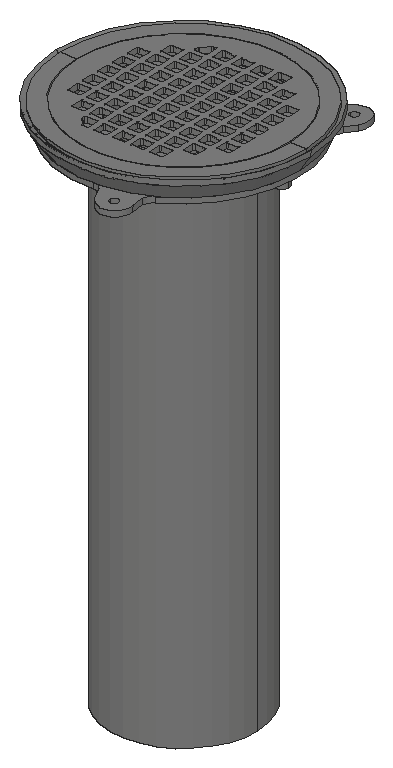
Revit family "Drain_Floor_Shallow_POD_PRO_Zurn-ZPD1-H", category Plumbing Fixtures, Revit 2022
Family settings
  Round Connector Dimension = Use Radius
  Part Type = Normal
  OmniClass Number = 23.70.50.21.24
  OmniClass Title = Waste Water Drains
  Work Plane-Based = No
  Always vertical = Yes
  Cut with Voids When Loaded = No
  Maintain Annotation Orientation = No
  Shared = No
  Room Calculation Point = No
Parameters (values of type "ZPD1-6H-3NH-SS")
  Width = 0' - 6"  # constant formula
  Waste Connection = yes
  Vent Connection = no
  URL = "www.zurn.com"
  Type Comments = "ZPD1-6H-3NH-SS w/ Stainless Steel Top"
  Top Assembly = Steel - Zurn - Stainless Type 304 CF8
  Product data url = "https://bimobject.com/zurnindustries/product/ZPD1-H"
  Product Page URL = "https://www.zurn.com/products/drainage-interceptors/floor-drains/finish-floor-drains/zpd1-h"
  Product Installation Sheet URL = "https://files.zurn.com/care-cleaning-install-warranty-sheets/fd140.pdf"
  Product Documentation Link = "https://files.zurn.com/spec-sheets/zpd1-h.pdf"
  Outlet Radius = 0' - 1 1/2"
  Outlet Outer Radius = 0' - 1 3/4"
  Modified Date = ""
  Model = "ZPD1-H"  # constant formula
  Manufacurer Brand = "Zurn"  # constant formula
  Manufacturer = "Zurn Water, LLC"  # constant formula
  Main Material = Steel - Zurn - Stainless Type 304 CF8
  Length = 0' - 6"  # constant formula
  HW Connection = no
  Drop-in Outlet Specify Length (6.0 Min to 12-5/32 Max) [instance] = 1' - 0.156"
  Drop-in Outlet Range [instance] = if([Drop-in Outlet Specify Length (6.0 Min to 12-5/32 Max)] > 1' 0.156", 1' 0.156", if([Drop-in Outlet Specify Length (6.0 Min to 12-5/32 Max)] < 0' 6", 0' 6", [Drop-in Outlet Specify Length (6.0 Min to 12-5/32 Max)]))  # 1' - 0.156"
  Description = "Zurn POD PRO Shallow Floor Drain with Claming Frame, Floor Clamp, and Drop-in Outlet for Vinyl Sheet Flooring"  # constant formula
  Default Elevation = 0' - 0"
  Date Created = "May 30, 2025"  # constant formula
  CW Connection = no
  Assembly Code = "D2030300"
  Approx. Weight (Lbs) = 0' - 5.3"  # constant formula
Reference planes (in)
  plane 1 "Center (Front/Back)": y = 0
  plane 2: z = 0
  plane 3 "Center (Left/Right)": x = 0
  plane 4: y = 3
  plane 5: y = -3
  plane 6: x = 3
  plane 7: x = -3
  plane 8: z = -0.125
  plane 9: z = -0.25
  plane 10: z = -0.5
  plane 11: z = -12.656
  plane 12: x = 2.75
  plane 13: x = 2.157
  plane 14: x = 2.566
  plane 15: x = 2.508
  plane 16: x = 2.891
  plane 17: x = 2.157
  plane 18: z = -0.063
  plane 19: z = -0.625
  plane 20: z = -0.781
  plane 21: z = -0.281
  plane 22: z = -0.969
Forms (in)
  Revolve 1, solid, material "Steel - Zurn - Stainless Type 304 CF8" <- "Top Assembly", detail levels fine
    sketch origin (0, 0, 0) x (1, 0, 0) y (0, 0, 1)
      loop
        line (3, 0) -> (2.566, -0.25) -> (2.157, -0.25) -> (2.157, -0.5) -> (2.75, -0.5) -> (3, -0.125) -> (3, 0)
      axis (0, 0) -> (0, -0.5)
    angle from 0 to 360
  Revolve 2, solid, material "Steel - Zurn - Stainless Type 304 CF8" <- "Top Assembly", detail levels fine
    sketch origin (0, 0, 0) x (1, 0, 0) y (0, 0, 1)
      loop
        line (2.891, 0) -> (2.508, 0) -> (2.508, -0.125) -> (2.157, -0.125) -> (2.157, -0.25) -> (2.508, -0.25) -> (2.891, -0.063) -> (2.891, 0)
      axis (0, 0) -> (0, -0.25)
    angle from 0 to 360
  Extrusion 3, solid, material "Steel - Zurn - Stainless Type 304 CF8" <- "Top Assembly", detail levels fine
    sketch origin (0, 0, 0) x (1, 0, 0) y (0, 1, 0)
      loop
        spline (-1.59375, -0.31241) -> (-1.59402, -0.30834) -> (-1.59481, -0.30434) -> (-1.59612, -0.30048) -> (-1.59792, -0.29682) -> (-1.60018, -0.29343) -> (-1.60287, -0.29037) -> (-1.60593, -0.28768) -> (-1.60932, -0.28542) -> (-1.61298, -0.28362) -> (-1.61684, -0.28231) -> (-1.62084, -0.28152) -> (-1.62491, -0.28125)
        line (-1.62491, -0.28125) -> (-1.87509, -0.28125)
        spline (-1.87509, -0.28125) -> (-1.87916, -0.28152) -> (-1.88316, -0.28231) -> (-1.88702, -0.28362) -> (-1.89068, -0.28542) -> (-1.89407, -0.28768) -> (-1.89713, -0.29037) -> (-1.89982, -0.29343) -> (-1.90208, -0.29682) -> (-1.90388, -0.30048) -> (-1.90519, -0.30434) -> (-1.90598, -0.30834) -> (-1.90625, -0.31241)
        line (-1.90625, -0.31241) -> (-1.90625, -0.56259)
        spline (-1.90625, -0.56259) -> (-1.90598, -0.56666) -> (-1.90519, -0.57066) -> (-1.90388, -0.57452) -> (-1.90208, -0.57818) -> (-1.89982, -0.58157) -> (-1.89713, -0.58463) -> (-1.89407, -0.58732) -> (-1.89068, -0.58958) -> (-1.88702, -0.59138) -> (-1.88316, -0.59269) -> (-1.87916, -0.59348) -> (-1.87509, -0.59375)
        line (-1.87509, -0.59375) -> (-1.62491, -0.59375)
        spline (-1.62491, -0.59375) -> (-1.62084, -0.59348) -> (-1.61684, -0.59269) -> (-1.61298, -0.59138) -> (-1.60932, -0.58958) -> (-1.60593, -0.58732) -> (-1.60287, -0.58463) -> (-1.60018, -0.58157) -> (-1.59792, -0.57818) -> (-1.59612, -0.57452) -> (-1.59481, -0.57066) -> (-1.59402, -0.56666) -> (-1.59375, -0.56259)
        line (-1.59375, -0.56259) -> (-1.59375, -0.31241)
      loop
        spline (-0.74991, -1.46875) -> (-0.74584, -1.46848) -> (-0.74184, -1.46769) -> (-0.73798, -1.46638) -> (-0.73432, -1.46458) -> (-0.73093, -1.46232) -> (-0.72787, -1.45963) -> (-0.72518, -1.45657) -> (-0.72292, -1.45318) -> (-0.72112, -1.44952) -> (-0.71981, -1.44566) -> (-0.71902, -1.44166) -> (-0.71875, -1.43759)
        line (-0.71875, -1.43759) -> (-0.71875, -1.18741)
        spline (-0.71875, -1.18741) -> (-0.71902, -1.18334) -> (-0.71981, -1.17934) -> (-0.72112, -1.17548) -> (-0.72292, -1.17182) -> (-0.72518, -1.16843) -> (-0.72787, -1.16537) -> (-0.73093, -1.16268) -> (-0.73432, -1.16042) -> (-0.73798, -1.15862) -> (-0.74184, -1.15731) -> (-0.74584, -1.15652) -> (-0.74991, -1.15625)
        line (-0.74991, -1.15625) -> (-1.00009, -1.15625)
        spline (-1.00009, -1.15625) -> (-1.00416, -1.15652) -> (-1.00816, -1.15731) -> (-1.01202, -1.15862) -> (-1.01568, -1.16042) -> (-1.01907, -1.16268) -> (-1.02213, -1.16537) -> (-1.02482, -1.16843) -> (-1.02708, -1.17182) -> (-1.02888, -1.17548) -> (-1.03019, -1.17934) -> (-1.03098, -1.18334) -> (-1.03125, -1.18741)
        line (-1.03125, -1.18741) -> (-1.03125, -1.43759)
        spline (-1.03125, -1.43759) -> (-1.03098, -1.44166) -> (-1.03019, -1.44566) -> (-1.02888, -1.44952) -> (-1.02708, -1.45318) -> (-1.02482, -1.45657) -> (-1.02213, -1.45963) -> (-1.01907, -1.46232) -> (-1.01568, -1.46458) -> (-1.01202, -1.46638) -> (-1.00816, -1.46769) -> (-1.00416, -1.46848) -> (-1.00009, -1.46875)
        line (-1.00009, -1.46875) -> (-0.74991, -1.46875)
      loop
        spline (-1.18741, -1.46875) -> (-1.18334, -1.46848) -> (-1.17934, -1.46769) -> (-1.17548, -1.46638) -> (-1.17182, -1.46458) -> (-1.16843, -1.46232) -> (-1.16537, -1.45963) -> (-1.16268, -1.45657) -> (-1.16042, -1.45318) -> (-1.15862, -1.44952) -> (-1.15731, -1.44566) -> (-1.15652, -1.44166) -> (-1.15625, -1.43759)
        line (-1.15625, -1.43759) -> (-1.15625, -1.18741)
        spline (-1.15625, -1.18741) -> (-1.15652, -1.18334) -> (-1.15731, -1.17934) -> (-1.15862, -1.17548) -> (-1.16042, -1.17182) -> (-1.16268, -1.16843) -> (-1.16537, -1.16537) -> (-1.16843, -1.16268) -> (-1.17182, -1.16042) -> (-1.17548, -1.15862) -> (-1.17934, -1.15731) -> (-1.18334, -1.15652) -> (-1.18741, -1.15625)
        line (-1.18741, -1.15625) -> (-1.43759, -1.15625)
        spline (-1.43759, -1.15625) -> (-1.44166, -1.15652) -> (-1.44566, -1.15731) -> (-1.44952, -1.15862) -> (-1.45318, -1.16042) -> (-1.45657, -1.16268) -> (-1.45963, -1.16537) -> (-1.46232, -1.16843) -> (-1.46458, -1.17182) -> (-1.46638, -1.17548) -> (-1.46769, -1.17934) -> (-1.46848, -1.18334) -> (-1.46875, -1.18741)
        line (-1.46875, -1.18741) -> (-1.46875, -1.43759)
        spline (-1.46875, -1.43759) -> (-1.46848, -1.44166) -> (-1.46769, -1.44566) -> (-1.46638, -1.44952) -> (-1.46458, -1.45318) -> (-1.46232, -1.45657) -> (-1.45963, -1.45963) -> (-1.45657, -1.46232) -> (-1.45318, -1.46458) -> (-1.44952, -1.46638) -> (-1.44566, -1.46769) -> (-1.44166, -1.46848) -> (-1.43759, -1.46875)
        line (-1.43759, -1.46875) -> (-1.18741, -1.46875)
      loop
        spline (-1.87509, -0.71875) -> (-1.87916, -0.71902) -> (-1.88316, -0.71981) -> (-1.88702, -0.72112) -> (-1.89068, -0.72292) -> (-1.89407, -0.72518) -> (-1.89713, -0.72787) -> (-1.89982, -0.73093) -> (-1.90208, -0.73432) -> (-1.90388, -0.73798) -> (-1.90519, -0.74184) -> (-1.90598, -0.74584) -> (-1.90625, -0.74991)
        line (-1.90625, -0.74991) -> (-1.90625, -1.00009)
        spline (-1.90625, -1.00009) -> (-1.90598, -1.00416) -> (-1.90519, -1.00816) -> (-1.90388, -1.01202) -> (-1.90208, -1.01568) -> (-1.89982, -1.01907) -> (-1.89713, -1.02213) -> (-1.89407, -1.02482) -> (-1.89068, -1.02708) -> (-1.88702, -1.02888) -> (-1.88316, -1.03019) -> (-1.87916, -1.03098) -> (-1.87509, -1.03125)
        line (-1.87509, -1.03125) -> (-1.62491, -1.03125)
        spline (-1.62491, -1.03125) -> (-1.62084, -1.03098) -> (-1.61684, -1.03019) -> (-1.61298, -1.02888) -> (-1.60932, -1.02708) -> (-1.60593, -1.02482) -> (-1.60287, -1.02213) -> (-1.60018, -1.01907) -> (-1.59792, -1.01568) -> (-1.59612, -1.01202) -> (-1.59481, -1.00816) -> (-1.59402, -1.00416) -> (-1.59375, -1.00009)
        line (-1.59375, -1.00009) -> (-1.59375, -0.74991)
        spline (-1.59375, -0.74991) -> (-1.59402, -0.74584) -> (-1.59481, -0.74184) -> (-1.59612, -0.73798) -> (-1.59792, -0.73432) -> (-1.60018, -0.73093) -> (-1.60287, -0.72787) -> (-1.60593, -0.72518) -> (-1.60932, -0.72292) -> (-1.61298, -0.72112) -> (-1.61684, -0.71981) -> (-1.62084, -0.71902) -> (-1.62491, -0.71875)
        line (-1.62491, -0.71875) -> (-1.87509, -0.71875)
      loop
        spline (-1.03125, -1.00009) -> (-1.03098, -1.00416) -> (-1.03019, -1.00816) -> (-1.02888, -1.01202) -> (-1.02708, -1.01568) -> (-1.02482, -1.01907) -> (-1.02213, -1.02213) -> (-1.01907, -1.02482) -> (-1.01568, -1.02708) -> (-1.01202, -1.02888) -> (-1.00816, -1.03019) -> (-1.00416, -1.03098) -> (-1.00009, -1.03125)
        line (-1.00009, -1.03125) -> (-0.74991, -1.03125)
        spline (-0.74991, -1.03125) -> (-0.74584, -1.03098) -> (-0.74184, -1.03019) -> (-0.73798, -1.02888) -> (-0.73432, -1.02708) -> (-0.73093, -1.02482) -> (-0.72787, -1.02213) -> (-0.72518, -1.01907) -> (-0.72292, -1.01568) -> (-0.72112, -1.01202) -> (-0.71981, -1.00816) -> (-0.71902, -1.00416) -> (-0.71875, -1.00009)
        line (-0.71875, -1.00009) -> (-0.71875, -0.74991)
        spline (-0.71875, -0.74991) -> (-0.71902, -0.74584) -> (-0.71981, -0.74184) -> (-0.72112, -0.73798) -> (-0.72292, -0.73432) -> (-0.72518, -0.73093) -> (-0.72787, -0.72787) -> (-0.73093, -0.72518) -> (-0.73432, -0.72292) -> (-0.73798, -0.72112) -> (-0.74184, -0.71981) -> (-0.74584, -0.71902) -> (-0.74991, -0.71875)
        line (-0.74991, -0.71875) -> (-1.00009, -0.71875)
        spline (-1.00009, -0.71875) -> (-1.00416, -0.71902) -> (-1.00816, -0.71981) -> (-1.01202, -0.72112) -> (-1.01568, -0.72292) -> (-1.01907, -0.72518) -> (-1.02213, -0.72787) -> (-1.02482, -0.73093) -> (-1.02708, -0.73432) -> (-1.02888, -0.73798) -> (-1.03019, -0.74184) -> (-1.03098, -0.74584) -> (-1.03125, -0.74991)
        line (-1.03125, -0.74991) -> (-1.03125, -1.00009)
      loop
        spline (-0.74991, -0.59375) -> (-0.74584, -0.59348) -> (-0.74184, -0.59269) -> (-0.73798, -0.59138) -> (-0.73432, -0.58958) -> (-0.73093, -0.58732) -> (-0.72787, -0.58463) -> (-0.72518, -0.58157) -> (-0.72292, -0.57818) -> (-0.72112, -0.57452) -> (-0.71981, -0.57066) -> (-0.71902, -0.56666) -> (-0.71875, -0.56259)
        line (-0.71875, -0.56259) -> (-0.71875, -0.31241)
        spline (-0.71875, -0.31241) -> (-0.71902, -0.30834) -> (-0.71981, -0.30434) -> (-0.72112, -0.30048) -> (-0.72292, -0.29682) -> (-0.72518, -0.29343) -> (-0.72787, -0.29037) -> (-0.73093, -0.28768) -> (-0.73432, -0.28542) -> (-0.73798, -0.28362) -> (-0.74184, -0.28231) -> (-0.74584, -0.28152) -> (-0.74991, -0.28125)
        line (-0.74991, -0.28125) -> (-1.00009, -0.28125)
        spline (-1.00009, -0.28125) -> (-1.00416, -0.28152) -> (-1.00816, -0.28231) -> (-1.01202, -0.28362) -> (-1.01568, -0.28542) -> (-1.01907, -0.28768) -> (-1.02213, -0.29037) -> (-1.02482, -0.29343) -> (-1.02708, -0.29682) -> (-1.02888, -0.30048) -> (-1.03019, -0.30434) -> (-1.03098, -0.30834) -> (-1.03125, -0.31241)
        line (-1.03125, -0.31241) -> (-1.03125, -0.56259)
        spline (-1.03125, -0.56259) -> (-1.03098, -0.56666) -> (-1.03019, -0.57066) -> (-1.02888, -0.57452) -> (-1.02708, -0.57818) -> (-1.02482, -0.58157) -> (-1.02213, -0.58463) -> (-1.01907, -0.58732) -> (-1.01568, -0.58958) -> (-1.01202, -0.59138) -> (-1.00816, -0.59269) -> (-1.00416, -0.59348) -> (-1.00009, -0.59375)
        line (-1.00009, -0.59375) -> (-0.74991, -0.59375)
      loop
        spline (-1.46875, -0.56259) -> (-1.46848, -0.56666) -> (-1.46769, -0.57066) -> (-1.46638, -0.57452) -> (-1.46458, -0.57818) -> (-1.46232, -0.58157) -> (-1.45963, -0.58463) -> (-1.45657, -0.58732) -> (-1.45318, -0.58958) -> (-1.44952, -0.59138) -> (-1.44566, -0.59269) -> (-1.44166, -0.59348) -> (-1.43759, -0.59375)
        line (-1.43759, -0.59375) -> (-1.18741, -0.59375)
        spline (-1.18741, -0.59375) -> (-1.18334, -0.59348) -> (-1.17934, -0.59269) -> (-1.17548, -0.59138) -> (-1.17182, -0.58958) -> (-1.16843, -0.58732) -> (-1.16537, -0.58463) -> (-1.16268, -0.58157) -> (-1.16042, -0.57818) -> (-1.15862, -0.57452) -> (-1.15731, -0.57066) -> (-1.15652, -0.56666) -> (-1.15625, -0.56259)
        line (-1.15625, -0.56259) -> (-1.15625, -0.31241)
        spline (-1.15625, -0.31241) -> (-1.15652, -0.30834) -> (-1.15731, -0.30434) -> (-1.15862, -0.30048) -> (-1.16042, -0.29682) -> (-1.16268, -0.29343) -> (-1.16537, -0.29037) -> (-1.16843, -0.28768) -> (-1.17182, -0.28542) -> (-1.17548, -0.28362) -> (-1.17934, -0.28231) -> (-1.18334, -0.28152) -> (-1.18741, -0.28125)
        line (-1.18741, -0.28125) -> (-1.43759, -0.28125)
        spline (-1.43759, -0.28125) -> (-1.44166, -0.28152) -> (-1.44566, -0.28231) -> (-1.44952, -0.28362) -> (-1.45318, -0.28542) -> (-1.45657, -0.28768) -> (-1.45963, -0.29037) -> (-1.46232, -0.29343) -> (-1.46458, -0.29682) -> (-1.46638, -0.30048) -> (-1.46769, -0.30434) -> (-1.46848, -0.30834) -> (-1.46875, -0.31241)
        line (-1.46875, -0.31241) -> (-1.46875, -0.56259)
      loop
        spline (-1.46875, -1.00009) -> (-1.46848, -1.00416) -> (-1.46769, -1.00816) -> (-1.46638, -1.01202) -> (-1.46458, -1.01568) -> (-1.46232, -1.01907) -> (-1.45963, -1.02213) -> (-1.45657, -1.02482) -> (-1.45318, -1.02708) -> (-1.44952, -1.02888) -> (-1.44566, -1.03019) -> (-1.44166, -1.03098) -> (-1.43759, -1.03125)
        line (-1.43759, -1.03125) -> (-1.18741, -1.03125)
        spline (-1.18741, -1.03125) -> (-1.18334, -1.03098) -> (-1.17934, -1.03019) -> (-1.17548, -1.02888) -> (-1.17182, -1.02708) -> (-1.16843, -1.02482) -> (-1.16537, -1.02213) -> (-1.16268, -1.01907) -> (-1.16042, -1.01568) -> (-1.15862, -1.01202) -> (-1.15731, -1.00816) -> (-1.15652, -1.00416) -> (-1.15625, -1.00009)
        line (-1.15625, -1.00009) -> (-1.15625, -0.74991)
        spline (-1.15625, -0.74991) -> (-1.15652, -0.74584) -> (-1.15731, -0.74184) -> (-1.15862, -0.73798) -> (-1.16042, -0.73432) -> (-1.16268, -0.73093) -> (-1.16537, -0.72787) -> (-1.16843, -0.72518) -> (-1.17182, -0.72292) -> (-1.17548, -0.72112) -> (-1.17934, -0.71981) -> (-1.18334, -0.71902) -> (-1.18741, -0.71875)
        line (-1.18741, -0.71875) -> (-1.43759, -0.71875)
        spline (-1.43759, -0.71875) -> (-1.44166, -0.71902) -> (-1.44566, -0.71981) -> (-1.44952, -0.72112) -> (-1.45318, -0.72292) -> (-1.45657, -0.72518) -> (-1.45963, -0.72787) -> (-1.46232, -0.73093) -> (-1.46458, -0.73432) -> (-1.46638, -0.73798) -> (-1.46769, -0.74184) -> (-1.46848, -0.74584) -> (-1.46875, -0.74991)
        line (-1.46875, -0.74991) -> (-1.46875, -1.00009)
      loop
        spline (-0.31241, -1.90625) -> (-0.30834, -1.90598) -> (-0.30434, -1.90519) -> (-0.30048, -1.90388) -> (-0.29682, -1.90208) -> (-0.29343, -1.89982) -> (-0.29037, -1.89713) -> (-0.28768, -1.89407) -> (-0.28542, -1.89068) -> (-0.28362, -1.88702) -> (-0.28231, -1.88316) -> (-0.28152, -1.87916) -> (-0.28125, -1.87509)
        line (-0.28125, -1.87509) -> (-0.28125, -1.62491)
        spline (-0.28125, -1.62491) -> (-0.28152, -1.62084) -> (-0.28231, -1.61684) -> (-0.28362, -1.61298) -> (-0.28542, -1.60932) -> (-0.28768, -1.60593) -> (-0.29037, -1.60287) -> (-0.29343, -1.60018) -> (-0.29682, -1.59792) -> (-0.30048, -1.59612) -> (-0.30434, -1.59481) -> (-0.30834, -1.59402) -> (-0.31241, -1.59375)
        line (-0.31241, -1.59375) -> (-0.56259, -1.59375)
        spline (-0.56259, -1.59375) -> (-0.56666, -1.59402) -> (-0.57066, -1.59481) -> (-0.57452, -1.59612) -> (-0.57818, -1.59792) -> (-0.58157, -1.60018) -> (-0.58463, -1.60287) -> (-0.58732, -1.60593) -> (-0.58958, -1.60932) -> (-0.59138, -1.61298) -> (-0.59269, -1.61684) -> (-0.59348, -1.62084) -> (-0.59375, -1.62491)
        line (-0.59375, -1.62491) -> (-0.59375, -1.87509)
        spline (-0.59375, -1.87509) -> (-0.59348, -1.87916) -> (-0.59269, -1.88316) -> (-0.59138, -1.88702) -> (-0.58958, -1.89068) -> (-0.58732, -1.89407) -> (-0.58463, -1.89713) -> (-0.58157, -1.89982) -> (-0.57818, -1.90208) -> (-0.57452, -1.90388) -> (-0.57066, -1.90519) -> (-0.56666, -1.90598) -> (-0.56259, -1.90625)
        line (-0.56259, -1.90625) -> (-0.31241, -1.90625)
      loop
        spline (-0.31241, -1.46875) -> (-0.30834, -1.46848) -> (-0.30434, -1.46769) -> (-0.30048, -1.46638) -> (-0.29682, -1.46458) -> (-0.29343, -1.46232) -> (-0.29037, -1.45963) -> (-0.28768, -1.45657) -> (-0.28542, -1.45318) -> (-0.28362, -1.44952) -> (-0.28231, -1.44566) -> (-0.28152, -1.44166) -> (-0.28125, -1.43759)
        line (-0.28125, -1.43759) -> (-0.28125, -1.18741)
        spline (-0.28125, -1.18741) -> (-0.28152, -1.18334) -> (-0.28231, -1.17934) -> (-0.28362, -1.17548) -> (-0.28542, -1.17182) -> (-0.28768, -1.16843) -> (-0.29037, -1.16537) -> (-0.29343, -1.16268) -> (-0.29682, -1.16042) -> (-0.30048, -1.15862) -> (-0.30434, -1.15731) -> (-0.30834, -1.15652) -> (-0.31241, -1.15625)
        line (-0.31241, -1.15625) -> (-0.56259, -1.15625)
        spline (-0.56259, -1.15625) -> (-0.56666, -1.15652) -> (-0.57066, -1.15731) -> (-0.57452, -1.15862) -> (-0.57818, -1.16042) -> (-0.58157, -1.16268) -> (-0.58463, -1.16537) -> (-0.58732, -1.16843) -> (-0.58958, -1.17182) -> (-0.59138, -1.17548) -> (-0.59269, -1.17934) -> (-0.59348, -1.18334) -> (-0.59375, -1.18741)
        line (-0.59375, -1.18741) -> (-0.59375, -1.43759)
        spline (-0.59375, -1.43759) -> (-0.59348, -1.44166) -> (-0.59269, -1.44566) -> (-0.59138, -1.44952) -> (-0.58958, -1.45318) -> (-0.58732, -1.45657) -> (-0.58463, -1.45963) -> (-0.58157, -1.46232) -> (-0.57818, -1.46458) -> (-0.57452, -1.46638) -> (-0.57066, -1.46769) -> (-0.56666, -1.46848) -> (-0.56259, -1.46875)
        line (-0.56259, -1.46875) -> (-0.31241, -1.46875)
      loop
        spline (-0.59375, -1.00009) -> (-0.59348, -1.00416) -> (-0.59269, -1.00816) -> (-0.59138, -1.01202) -> (-0.58958, -1.01568) -> (-0.58732, -1.01907) -> (-0.58463, -1.02213) -> (-0.58157, -1.02482) -> (-0.57818, -1.02708) -> (-0.57452, -1.02888) -> (-0.57066, -1.03019) -> (-0.56666, -1.03098) -> (-0.56259, -1.03125)
        line (-0.56259, -1.03125) -> (-0.31241, -1.03125)
        spline (-0.31241, -1.03125) -> (-0.30834, -1.03098) -> (-0.30434, -1.03019) -> (-0.30048, -1.02888) -> (-0.29682, -1.02708) -> (-0.29343, -1.02482) -> (-0.29037, -1.02213) -> (-0.28768, -1.01907) -> (-0.28542, -1.01568) -> (-0.28362, -1.01202) -> (-0.28231, -1.00816) -> (-0.28152, -1.00416) -> (-0.28125, -1.00009)
        line (-0.28125, -1.00009) -> (-0.28125, -0.74991)
        spline (-0.28125, -0.74991) -> (-0.28152, -0.74584) -> (-0.28231, -0.74184) -> (-0.28362, -0.73798) -> (-0.28542, -0.73432) -> (-0.28768, -0.73093) -> (-0.29037, -0.72787) -> (-0.29343, -0.72518) -> (-0.29682, -0.72292) -> (-0.30048, -0.72112) -> (-0.30434, -0.71981) -> (-0.30834, -0.71902) -> (-0.31241, -0.71875)
        line (-0.31241, -0.71875) -> (-0.56259, -0.71875)
        spline (-0.56259, -0.71875) -> (-0.56666, -0.71902) -> (-0.57066, -0.71981) -> (-0.57452, -0.72112) -> (-0.57818, -0.72292) -> (-0.58157, -0.72518) -> (-0.58463, -0.72787) -> (-0.58732, -0.73093) -> (-0.58958, -0.73432) -> (-0.59138, -0.73798) -> (-0.59269, -0.74184) -> (-0.59348, -0.74584) -> (-0.59375, -0.74991)
        line (-0.59375, -0.74991) -> (-0.59375, -1.00009)
      loop
        spline (-0.31241, -0.59375) -> (-0.30834, -0.59348) -> (-0.30434, -0.59269) -> (-0.30048, -0.59138) -> (-0.29682, -0.58958) -> (-0.29343, -0.58732) -> (-0.29037, -0.58463) -> (-0.28768, -0.58157) -> (-0.28542, -0.57818) -> (-0.28362, -0.57452) -> (-0.28231, -0.57066) -> (-0.28152, -0.56666) -> (-0.28125, -0.56259)
        line (-0.28125, -0.56259) -> (-0.28125, -0.31241)
        spline (-0.28125, -0.31241) -> (-0.28152, -0.30834) -> (-0.28231, -0.30434) -> (-0.28362, -0.30048) -> (-0.28542, -0.29682) -> (-0.28768, -0.29343) -> (-0.29037, -0.29037) -> (-0.29343, -0.28768) -> (-0.29682, -0.28542) -> (-0.30048, -0.28362) -> (-0.30434, -0.28231) -> (-0.30834, -0.28152) -> (-0.31241, -0.28125)
        line (-0.31241, -0.28125) -> (-0.56259, -0.28125)
        spline (-0.56259, -0.28125) -> (-0.56666, -0.28152) -> (-0.57066, -0.28231) -> (-0.57452, -0.28362) -> (-0.57818, -0.28542) -> (-0.58157, -0.28768) -> (-0.58463, -0.29037) -> (-0.58732, -0.29343) -> (-0.58958, -0.29682) -> (-0.59138, -0.30048) -> (-0.59269, -0.30434) -> (-0.59348, -0.30834) -> (-0.59375, -0.31241)
        line (-0.59375, -0.31241) -> (-0.59375, -0.56259)
        spline (-0.59375, -0.56259) -> (-0.59348, -0.56666) -> (-0.59269, -0.57066) -> (-0.59138, -0.57452) -> (-0.58958, -0.57818) -> (-0.58732, -0.58157) -> (-0.58463, -0.58463) -> (-0.58157, -0.58732) -> (-0.57818, -0.58958) -> (-0.57452, -0.59138) -> (-0.57066, -0.59269) -> (-0.56666, -0.59348) -> (-0.56259, -0.59375)
        line (-0.56259, -0.59375) -> (-0.31241, -0.59375)
      loop
        spline (1.87509, 0.71875) -> (1.87916, 0.71902) -> (1.88316, 0.71981) -> (1.88702, 0.72112) -> (1.89068, 0.72292) -> (1.89407, 0.72518) -> (1.89713, 0.72787) -> (1.89982, 0.73093) -> (1.90208, 0.73432) -> (1.90388, 0.73798) -> (1.90519, 0.74184) -> (1.90598, 0.74584) -> (1.90625, 0.74991)
        line (1.90625, 0.74991) -> (1.90625, 1.00009)
        spline (1.90625, 1.00009) -> (1.90598, 1.00416) -> (1.90519, 1.00816) -> (1.90388, 1.01202) -> (1.90208, 1.01568) -> (1.89982, 1.01907) -> (1.89713, 1.02213) -> (1.89407, 1.02482) -> (1.89068, 1.02708) -> (1.88702, 1.02888) -> (1.88316, 1.03019) -> (1.87916, 1.03098) -> (1.87509, 1.03125)
        line (1.87509, 1.03125) -> (1.62491, 1.03125)
        spline (1.62491, 1.03125) -> (1.62084, 1.03098) -> (1.61684, 1.03019) -> (1.61298, 1.02888) -> (1.60932, 1.02708) -> (1.60593, 1.02482) -> (1.60287, 1.02213) -> (1.60018, 1.01907) -> (1.59792, 1.01568) -> (1.59612, 1.01202) -> (1.59481, 1.00816) -> (1.59402, 1.00416) -> (1.59375, 1.00009)
        line (1.59375, 1.00009) -> (1.59375, 0.74991)
        spline (1.59375, 0.74991) -> (1.59402, 0.74584) -> (1.59481, 0.74184) -> (1.59612, 0.73798) -> (1.59792, 0.73432) -> (1.60018, 0.73093) -> (1.60287, 0.72787) -> (1.60593, 0.72518) -> (1.60932, 0.72292) -> (1.61298, 0.72112) -> (1.61684, 0.71981) -> (1.62084, 0.71902) -> (1.62491, 0.71875)
        line (1.62491, 0.71875) -> (1.87509, 0.71875)
      loop
        spline (1.59375, 0.31241) -> (1.59402, 0.30834) -> (1.59481, 0.30434) -> (1.59612, 0.30048) -> (1.59792, 0.29682) -> (1.60018, 0.29343) -> (1.60287, 0.29037) -> (1.60593, 0.28768) -> (1.60932, 0.28542) -> (1.61298, 0.28362) -> (1.61684, 0.28231) -> (1.62084, 0.28152) -> (1.62491, 0.28125)
        line (1.62491, 0.28125) -> (1.87509, 0.28125)
        spline (1.87509, 0.28125) -> (1.87916, 0.28152) -> (1.88316, 0.28231) -> (1.88702, 0.28362) -> (1.89068, 0.28542) -> (1.89407, 0.28768) -> (1.89713, 0.29037) -> (1.89982, 0.29343) -> (1.90208, 0.29682) -> (1.90388, 0.30048) -> (1.90519, 0.30434) -> (1.90598, 0.30834) -> (1.90625, 0.31241)
        line (1.90625, 0.31241) -> (1.90625, 0.56259)
        spline (1.90625, 0.56259) -> (1.90598, 0.56666) -> (1.90519, 0.57066) -> (1.90388, 0.57452) -> (1.90208, 0.57818) -> (1.89982, 0.58157) -> (1.89713, 0.58463) -> (1.89407, 0.58732) -> (1.89068, 0.58958) -> (1.88702, 0.59138) -> (1.88316, 0.59269) -> (1.87916, 0.59348) -> (1.87509, 0.59375)
        line (1.87509, 0.59375) -> (1.62491, 0.59375)
        spline (1.62491, 0.59375) -> (1.62084, 0.59348) -> (1.61684, 0.59269) -> (1.61298, 0.59138) -> (1.60932, 0.58958) -> (1.60593, 0.58732) -> (1.60287, 0.58463) -> (1.60018, 0.58157) -> (1.59792, 0.57818) -> (1.59612, 0.57452) -> (1.59481, 0.57066) -> (1.59402, 0.56666) -> (1.59375, 0.56259)
        line (1.59375, 0.56259) -> (1.59375, 0.31241)
      loop
        spline (1.46875, 0.56259) -> (1.46848, 0.56666) -> (1.46769, 0.57066) -> (1.46638, 0.57452) -> (1.46458, 0.57818) -> (1.46232, 0.58157) -> (1.45963, 0.58463) -> (1.45657, 0.58732) -> (1.45318, 0.58958) -> (1.44952, 0.59138) -> (1.44566, 0.59269) -> (1.44166, 0.59348) -> (1.43759, 0.59375)
        line (1.43759, 0.59375) -> (1.18741, 0.59375)
        spline (1.18741, 0.59375) -> (1.18334, 0.59348) -> (1.17934, 0.59269) -> (1.17548, 0.59138) -> (1.17182, 0.58958) -> (1.16843, 0.58732) -> (1.16537, 0.58463) -> (1.16268, 0.58157) -> (1.16042, 0.57818) -> (1.15862, 0.57452) -> (1.15731, 0.57066) -> (1.15652, 0.56666) -> (1.15625, 0.56259)
        line (1.15625, 0.56259) -> (1.15625, 0.31241)
        spline (1.15625, 0.31241) -> (1.15652, 0.30834) -> (1.15731, 0.30434) -> (1.15862, 0.30048) -> (1.16042, 0.29682) -> (1.16268, 0.29343) -> (1.16537, 0.29037) -> (1.16843, 0.28768) -> (1.17182, 0.28542) -> (1.17548, 0.28362) -> (1.17934, 0.28231) -> (1.18334, 0.28152) -> (1.18741, 0.28125)
        line (1.18741, 0.28125) -> (1.43759, 0.28125)
        spline (1.43759, 0.28125) -> (1.44166, 0.28152) -> (1.44566, 0.28231) -> (1.44952, 0.28362) -> (1.45318, 0.28542) -> (1.45657, 0.28768) -> (1.45963, 0.29037) -> (1.46232, 0.29343) -> (1.46458, 0.29682) -> (1.46638, 0.30048) -> (1.46769, 0.30434) -> (1.46848, 0.30834) -> (1.46875, 0.31241)
        line (1.46875, 0.31241) -> (1.46875, 0.56259)
      loop
        spline (1.03125, 1.87509) -> (1.03098, 1.87916) -> (1.03019, 1.88316) -> (1.02888, 1.88702) -> (1.02708, 1.89068) -> (1.02482, 1.89407) -> (1.02213, 1.89713) -> (1.01907, 1.89982) -> (1.01568, 1.90208) -> (1.01202, 1.90388) -> (1.00816, 1.90519) -> (1.00416, 1.90598) -> (1.00009, 1.90625)
        line (1.00009, 1.90625) -> (0.74991, 1.90625)
        spline (0.74991, 1.90625) -> (0.74584, 1.90598) -> (0.74184, 1.90519) -> (0.73798, 1.90388) -> (0.73432, 1.90208) -> (0.73093, 1.89982) -> (0.72787, 1.89713) -> (0.72518, 1.89407) -> (0.72292, 1.89068) -> (0.72112, 1.88702) -> (0.71981, 1.88316) -> (0.71902, 1.87916) -> (0.71875, 1.87509)
        line (0.71875, 1.87509) -> (0.71875, 1.62491)
        spline (0.71875, 1.62491) -> (0.71902, 1.62084) -> (0.71981, 1.61684) -> (0.72112, 1.61298) -> (0.72292, 1.60932) -> (0.72518, 1.60593) -> (0.72787, 1.60287) -> (0.73093, 1.60018) -> (0.73432, 1.59792) -> (0.73798, 1.59612) -> (0.74184, 1.59481) -> (0.74584, 1.59402) -> (0.74991, 1.59375)
        line (0.74991, 1.59375) -> (1.00009, 1.59375)
        spline (1.00009, 1.59375) -> (1.00416, 1.59402) -> (1.00816, 1.59481) -> (1.01202, 1.59612) -> (1.01568, 1.59792) -> (1.01907, 1.60018) -> (1.02213, 1.60287) -> (1.02482, 1.60593) -> (1.02708, 1.60932) -> (1.02888, 1.61298) -> (1.03019, 1.61684) -> (1.03098, 1.62084) -> (1.03125, 1.62491)
        line (1.03125, 1.62491) -> (1.03125, 1.87509)
      loop
        spline (1.18741, 1.46875) -> (1.18334, 1.46848) -> (1.17934, 1.46769) -> (1.17548, 1.46638) -> (1.17182, 1.46458) -> (1.16843, 1.46232) -> (1.16537, 1.45963) -> (1.16268, 1.45657) -> (1.16042, 1.45318) -> (1.15862, 1.44952) -> (1.15731, 1.44566) -> (1.15652, 1.44166) -> (1.15625, 1.43759)
        line (1.15625, 1.43759) -> (1.15625, 1.18741)
        spline (1.15625, 1.18741) -> (1.15652, 1.18334) -> (1.15731, 1.17934) -> (1.15862, 1.17548) -> (1.16042, 1.17182) -> (1.16268, 1.16843) -> (1.16537, 1.16537) -> (1.16843, 1.16268) -> (1.17182, 1.16042) -> (1.17548, 1.15862) -> (1.17934, 1.15731) -> (1.18334, 1.15652) -> (1.18741, 1.15625)
        line (1.18741, 1.15625) -> (1.43759, 1.15625)
        spline (1.43759, 1.15625) -> (1.44166, 1.15652) -> (1.44566, 1.15731) -> (1.44952, 1.15862) -> (1.45318, 1.16042) -> (1.45657, 1.16268) -> (1.45963, 1.16537) -> (1.46232, 1.16843) -> (1.46458, 1.17182) -> (1.46638, 1.17548) -> (1.46769, 1.17934) -> (1.46848, 1.18334) -> (1.46875, 1.18741)
        line (1.46875, 1.18741) -> (1.46875, 1.43759)
        spline (1.46875, 1.43759) -> (1.46848, 1.44166) -> (1.46769, 1.44566) -> (1.46638, 1.44952) -> (1.46458, 1.45318) -> (1.46232, 1.45657) -> (1.45963, 1.45963) -> (1.45657, 1.46232) -> (1.45318, 1.46458) -> (1.44952, 1.46638) -> (1.44566, 1.46769) -> (1.44166, 1.46848) -> (1.43759, 1.46875)
        line (1.43759, 1.46875) -> (1.18741, 1.46875)
      loop
        spline (1.03125, 1.43759) -> (1.03098, 1.44166) -> (1.03019, 1.44566) -> (1.02888, 1.44952) -> (1.02708, 1.45318) -> (1.02482, 1.45657) -> (1.02213, 1.45963) -> (1.01907, 1.46232) -> (1.01568, 1.46458) -> (1.01202, 1.46638) -> (1.00816, 1.46769) -> (1.00416, 1.46848) -> (1.00009, 1.46875)
        line (1.00009, 1.46875) -> (0.74991, 1.46875)
        spline (0.74991, 1.46875) -> (0.74584, 1.46848) -> (0.74184, 1.46769) -> (0.73798, 1.46638) -> (0.73432, 1.46458) -> (0.73093, 1.46232) -> (0.72787, 1.45963) -> (0.72518, 1.45657) -> (0.72292, 1.45318) -> (0.72112, 1.44952) -> (0.71981, 1.44566) -> (0.71902, 1.44166) -> (0.71875, 1.43759)
        line (0.71875, 1.43759) -> (0.71875, 1.18741)
        spline (0.71875, 1.18741) -> (0.71902, 1.18334) -> (0.71981, 1.17934) -> (0.72112, 1.17548) -> (0.72292, 1.17182) -> (0.72518, 1.16843) -> (0.72787, 1.16537) -> (0.73093, 1.16268) -> (0.73432, 1.16042) -> (0.73798, 1.15862) -> (0.74184, 1.15731) -> (0.74584, 1.15652) -> (0.74991, 1.15625)
        line (0.74991, 1.15625) -> (1.00009, 1.15625)
        spline (1.00009, 1.15625) -> (1.00416, 1.15652) -> (1.00816, 1.15731) -> (1.01202, 1.15862) -> (1.01568, 1.16042) -> (1.01907, 1.16268) -> (1.02213, 1.16537) -> (1.02482, 1.16843) -> (1.02708, 1.17182) -> (1.02888, 1.17548) -> (1.03019, 1.17934) -> (1.03098, 1.18334) -> (1.03125, 1.18741)
        line (1.03125, 1.18741) -> (1.03125, 1.43759)
      loop
        spline (1.15625, 0.74991) -> (1.15652, 0.74584) -> (1.15731, 0.74184) -> (1.15862, 0.73798) -> (1.16042, 0.73432) -> (1.16268, 0.73093) -> (1.16537, 0.72787) -> (1.16843, 0.72518) -> (1.17182, 0.72292) -> (1.17548, 0.72112) -> (1.17934, 0.71981) -> (1.18334, 0.71902) -> (1.18741, 0.71875)
        line (1.18741, 0.71875) -> (1.43759, 0.71875)
        spline (1.43759, 0.71875) -> (1.44166, 0.71902) -> (1.44566, 0.71981) -> (1.44952, 0.72112) -> (1.45318, 0.72292) -> (1.45657, 0.72518) -> (1.45963, 0.72787) -> (1.46232, 0.73093) -> (1.46458, 0.73432) -> (1.46638, 0.73798) -> (1.46769, 0.74184) -> (1.46848, 0.74584) -> (1.46875, 0.74991)
        line (1.46875, 0.74991) -> (1.46875, 1.00009)
        spline (1.46875, 1.00009) -> (1.46848, 1.00416) -> (1.46769, 1.00816) -> (1.46638, 1.01202) -> (1.46458, 1.01568) -> (1.46232, 1.01907) -> (1.45963, 1.02213) -> (1.45657, 1.02482) -> (1.45318, 1.02708) -> (1.44952, 1.02888) -> (1.44566, 1.03019) -> (1.44166, 1.03098) -> (1.43759, 1.03125)
        line (1.43759, 1.03125) -> (1.18741, 1.03125)
        spline (1.18741, 1.03125) -> (1.18334, 1.03098) -> (1.17934, 1.03019) -> (1.17548, 1.02888) -> (1.17182, 1.02708) -> (1.16843, 1.02482) -> (1.16537, 1.02213) -> (1.16268, 1.01907) -> (1.16042, 1.01568) -> (1.15862, 1.01202) -> (1.15731, 1.00816) -> (1.15652, 1.00416) -> (1.15625, 1.00009)
        line (1.15625, 1.00009) -> (1.15625, 0.74991)
      loop
        spline (0.31241, 1.90625) -> (0.30834, 1.90598) -> (0.30434, 1.90519) -> (0.30048, 1.90388) -> (0.29682, 1.90208) -> (0.29343, 1.89982) -> (0.29037, 1.89713) -> (0.28768, 1.89407) -> (0.28542, 1.89068) -> (0.28362, 1.88702) -> (0.28231, 1.88316) -> (0.28152, 1.87916) -> (0.28125, 1.87509)
        line (0.28125, 1.87509) -> (0.28125, 1.62491)
        spline (0.28125, 1.62491) -> (0.28152, 1.62084) -> (0.28231, 1.61684) -> (0.28362, 1.61298) -> (0.28542, 1.60932) -> (0.28768, 1.60593) -> (0.29037, 1.60287) -> (0.29343, 1.60018) -> (0.29682, 1.59792) -> (0.30048, 1.59612) -> (0.30434, 1.59481) -> (0.30834, 1.59402) -> (0.31241, 1.59375)
        line (0.31241, 1.59375) -> (0.56259, 1.59375)
        spline (0.56259, 1.59375) -> (0.56666, 1.59402) -> (0.57066, 1.59481) -> (0.57452, 1.59612) -> (0.57818, 1.59792) -> (0.58157, 1.60018) -> (0.58463, 1.60287) -> (0.58732, 1.60593) -> (0.58958, 1.60932) -> (0.59138, 1.61298) -> (0.59269, 1.61684) -> (0.59348, 1.62084) -> (0.59375, 1.62491)
        line (0.59375, 1.62491) -> (0.59375, 1.87509)
        spline (0.59375, 1.87509) -> (0.59348, 1.87916) -> (0.59269, 1.88316) -> (0.59138, 1.88702) -> (0.58958, 1.89068) -> (0.58732, 1.89407) -> (0.58463, 1.89713) -> (0.58157, 1.89982) -> (0.57818, 1.90208) -> (0.57452, 1.90388) -> (0.57066, 1.90519) -> (0.56666, 1.90598) -> (0.56259, 1.90625)
        line (0.56259, 1.90625) -> (0.31241, 1.90625)
      loop
        spline (1.00009, 0.71875) -> (1.00416, 0.71902) -> (1.00816, 0.71981) -> (1.01202, 0.72112) -> (1.01568, 0.72292) -> (1.01907, 0.72518) -> (1.02213, 0.72787) -> (1.02482, 0.73093) -> (1.02708, 0.73432) -> (1.02888, 0.73798) -> (1.03019, 0.74184) -> (1.03098, 0.74584) -> (1.03125, 0.74991)
        line (1.03125, 0.74991) -> (1.03125, 1.00009)
        spline (1.03125, 1.00009) -> (1.03098, 1.00416) -> (1.03019, 1.00816) -> (1.02888, 1.01202) -> (1.02708, 1.01568) -> (1.02482, 1.01907) -> (1.02213, 1.02213) -> (1.01907, 1.02482) -> (1.01568, 1.02708) -> (1.01202, 1.02888) -> (1.00816, 1.03019) -> (1.00416, 1.03098) -> (1.00009, 1.03125)
        line (1.00009, 1.03125) -> (0.74991, 1.03125)
        spline (0.74991, 1.03125) -> (0.74584, 1.03098) -> (0.74184, 1.03019) -> (0.73798, 1.02888) -> (0.73432, 1.02708) -> (0.73093, 1.02482) -> (0.72787, 1.02213) -> (0.72518, 1.01907) -> (0.72292, 1.01568) -> (0.72112, 1.01202) -> (0.71981, 1.00816) -> (0.71902, 1.00416) -> (0.71875, 1.00009)
        line (0.71875, 1.00009) -> (0.71875, 0.74991)
        spline (0.71875, 0.74991) -> (0.71902, 0.74584) -> (0.71981, 0.74184) -> (0.72112, 0.73798) -> (0.72292, 0.73432) -> (0.72518, 0.73093) -> (0.72787, 0.72787) -> (0.73093, 0.72518) -> (0.73432, 0.72292) -> (0.73798, 0.72112) -> (0.74184, 0.71981) -> (0.74584, 0.71902) -> (0.74991, 0.71875)
        line (0.74991, 0.71875) -> (1.00009, 0.71875)
      loop
        spline (1.00009, 0.28125) -> (1.00416, 0.28152) -> (1.00816, 0.28231) -> (1.01202, 0.28362) -> (1.01568, 0.28542) -> (1.01907, 0.28768) -> (1.02213, 0.29037) -> (1.02482, 0.29343) -> (1.02708, 0.29682) -> (1.02888, 0.30048) -> (1.03019, 0.30434) -> (1.03098, 0.30834) -> (1.03125, 0.31241)
        line (1.03125, 0.31241) -> (1.03125, 0.56259)
        spline (1.03125, 0.56259) -> (1.03098, 0.56666) -> (1.03019, 0.57066) -> (1.02888, 0.57452) -> (1.02708, 0.57818) -> (1.02482, 0.58157) -> (1.02213, 0.58463) -> (1.01907, 0.58732) -> (1.01568, 0.58958) -> (1.01202, 0.59138) -> (1.00816, 0.59269) -> (1.00416, 0.59348) -> (1.00009, 0.59375)
        line (1.00009, 0.59375) -> (0.74991, 0.59375)
        spline (0.74991, 0.59375) -> (0.74584, 0.59348) -> (0.74184, 0.59269) -> (0.73798, 0.59138) -> (0.73432, 0.58958) -> (0.73093, 0.58732) -> (0.72787, 0.58463) -> (0.72518, 0.58157) -> (0.72292, 0.57818) -> (0.72112, 0.57452) -> (0.71981, 0.57066) -> (0.71902, 0.56666) -> (0.71875, 0.56259)
        line (0.71875, 0.56259) -> (0.71875, 0.31241)
        spline (0.71875, 0.31241) -> (0.71902, 0.30834) -> (0.71981, 0.30434) -> (0.72112, 0.30048) -> (0.72292, 0.29682) -> (0.72518, 0.29343) -> (0.72787, 0.29037) -> (0.73093, 0.28768) -> (0.73432, 0.28542) -> (0.73798, 0.28362) -> (0.74184, 0.28231) -> (0.74584, 0.28152) -> (0.74991, 0.28125)
        line (0.74991, 0.28125) -> (1.00009, 0.28125)
      loop
        spline (0.28125, 1.18741) -> (0.28152, 1.18334) -> (0.28231, 1.17934) -> (0.28362, 1.17548) -> (0.28542, 1.17182) -> (0.28768, 1.16843) -> (0.29037, 1.16537) -> (0.29343, 1.16268) -> (0.29682, 1.16042) -> (0.30048, 1.15862) -> (0.30434, 1.15731) -> (0.30834, 1.15652) -> (0.31241, 1.15625)
        line (0.31241, 1.15625) -> (0.56259, 1.15625)
        spline (0.56259, 1.15625) -> (0.56666, 1.15652) -> (0.57066, 1.15731) -> (0.57452, 1.15862) -> (0.57818, 1.16042) -> (0.58157, 1.16268) -> (0.58463, 1.16537) -> (0.58732, 1.16843) -> (0.58958, 1.17182) -> (0.59138, 1.17548) -> (0.59269, 1.17934) -> (0.59348, 1.18334) -> (0.59375, 1.18741)
        line (0.59375, 1.18741) -> (0.59375, 1.43759)
        spline (0.59375, 1.43759) -> (0.59348, 1.44166) -> (0.59269, 1.44566) -> (0.59138, 1.44952) -> (0.58958, 1.45318) -> (0.58732, 1.45657) -> (0.58463, 1.45963) -> (0.58157, 1.46232) -> (0.57818, 1.46458) -> (0.57452, 1.46638) -> (0.57066, 1.46769) -> (0.56666, 1.46848) -> (0.56259, 1.46875)
        line (0.56259, 1.46875) -> (0.31241, 1.46875)
        spline (0.31241, 1.46875) -> (0.30834, 1.46848) -> (0.30434, 1.46769) -> (0.30048, 1.46638) -> (0.29682, 1.46458) -> (0.29343, 1.46232) -> (0.29037, 1.45963) -> (0.28768, 1.45657) -> (0.28542, 1.45318) -> (0.28362, 1.44952) -> (0.28231, 1.44566) -> (0.28152, 1.44166) -> (0.28125, 1.43759)
        line (0.28125, 1.43759) -> (0.28125, 1.18741)
      loop
        spline (0.28125, 0.31241) -> (0.28152, 0.30834) -> (0.28231, 0.30434) -> (0.28362, 0.30048) -> (0.28542, 0.29682) -> (0.28768, 0.29343) -> (0.29037, 0.29037) -> (0.29343, 0.28768) -> (0.29682, 0.28542) -> (0.30048, 0.28362) -> (0.30434, 0.28231) -> (0.30834, 0.28152) -> (0.31241, 0.28125)
        line (0.31241, 0.28125) -> (0.56259, 0.28125)
        spline (0.56259, 0.28125) -> (0.56666, 0.28152) -> (0.57066, 0.28231) -> (0.57452, 0.28362) -> (0.57818, 0.28542) -> (0.58157, 0.28768) -> (0.58463, 0.29037) -> (0.58732, 0.29343) -> (0.58958, 0.29682) -> (0.59138, 0.30048) -> (0.59269, 0.30434) -> (0.59348, 0.30834) -> (0.59375, 0.31241)
        line (0.59375, 0.31241) -> (0.59375, 0.56259)
        spline (0.59375, 0.56259) -> (0.59348, 0.56666) -> (0.59269, 0.57066) -> (0.59138, 0.57452) -> (0.58958, 0.57818) -> (0.58732, 0.58157) -> (0.58463, 0.58463) -> (0.58157, 0.58732) -> (0.57818, 0.58958) -> (0.57452, 0.59138) -> (0.57066, 0.59269) -> (0.56666, 0.59348) -> (0.56259, 0.59375)
        line (0.56259, 0.59375) -> (0.31241, 0.59375)
        spline (0.31241, 0.59375) -> (0.30834, 0.59348) -> (0.30434, 0.59269) -> (0.30048, 0.59138) -> (0.29682, 0.58958) -> (0.29343, 0.58732) -> (0.29037, 0.58463) -> (0.28768, 0.58157) -> (0.28542, 0.57818) -> (0.28362, 0.57452) -> (0.28231, 0.57066) -> (0.28152, 0.56666) -> (0.28125, 0.56259)
        line (0.28125, 0.56259) -> (0.28125, 0.31241)
      loop
        spline (0.28125, 0.74991) -> (0.28152, 0.74584) -> (0.28231, 0.74184) -> (0.28362, 0.73798) -> (0.28542, 0.73432) -> (0.28768, 0.73093) -> (0.29037, 0.72787) -> (0.29343, 0.72518) -> (0.29682, 0.72292) -> (0.30048, 0.72112) -> (0.30434, 0.71981) -> (0.30834, 0.71902) -> (0.31241, 0.71875)
        line (0.31241, 0.71875) -> (0.56259, 0.71875)
        spline (0.56259, 0.71875) -> (0.56666, 0.71902) -> (0.57066, 0.71981) -> (0.57452, 0.72112) -> (0.57818, 0.72292) -> (0.58157, 0.72518) -> (0.58463, 0.72787) -> (0.58732, 0.73093) -> (0.58958, 0.73432) -> (0.59138, 0.73798) -> (0.59269, 0.74184) -> (0.59348, 0.74584) -> (0.59375, 0.74991)
        line (0.59375, 0.74991) -> (0.59375, 1.00009)
        spline (0.59375, 1.00009) -> (0.59348, 1.00416) -> (0.59269, 1.00816) -> (0.59138, 1.01202) -> (0.58958, 1.01568) -> (0.58732, 1.01907) -> (0.58463, 1.02213) -> (0.58157, 1.02482) -> (0.57818, 1.02708) -> (0.57452, 1.02888) -> (0.57066, 1.03019) -> (0.56666, 1.03098) -> (0.56259, 1.03125)
        line (0.56259, 1.03125) -> (0.31241, 1.03125)
        spline (0.31241, 1.03125) -> (0.30834, 1.03098) -> (0.30434, 1.03019) -> (0.30048, 1.02888) -> (0.29682, 1.02708) -> (0.29343, 1.02482) -> (0.29037, 1.02213) -> (0.28768, 1.01907) -> (0.28542, 1.01568) -> (0.28362, 1.01202) -> (0.28231, 1.00816) -> (0.28152, 1.00416) -> (0.28125, 1.00009)
        line (0.28125, 1.00009) -> (0.28125, 0.74991)
      loop
        spline (1.62491, -0.71875) -> (1.62084, -0.71902) -> (1.61684, -0.71981) -> (1.61298, -0.72112) -> (1.60932, -0.72292) -> (1.60593, -0.72518) -> (1.60287, -0.72787) -> (1.60018, -0.73093) -> (1.59792, -0.73432) -> (1.59612, -0.73798) -> (1.59481, -0.74184) -> (1.59402, -0.74584) -> (1.59375, -0.74991)
        line (1.59375, -0.74991) -> (1.59375, -1.00009)
        spline (1.59375, -1.00009) -> (1.59402, -1.00416) -> (1.59481, -1.00816) -> (1.59612, -1.01202) -> (1.59792, -1.01568) -> (1.60018, -1.01907) -> (1.60287, -1.02213) -> (1.60593, -1.02482) -> (1.60932, -1.02708) -> (1.61298, -1.02888) -> (1.61684, -1.03019) -> (1.62084, -1.03098) -> (1.62491, -1.03125)
        line (1.62491, -1.03125) -> (1.87509, -1.03125)
        spline (1.87509, -1.03125) -> (1.87916, -1.03098) -> (1.88316, -1.03019) -> (1.88702, -1.02888) -> (1.89068, -1.02708) -> (1.89407, -1.02482) -> (1.89713, -1.02213) -> (1.89982, -1.01907) -> (1.90208, -1.01568) -> (1.90388, -1.01202) -> (1.90519, -1.00816) -> (1.90598, -1.00416) -> (1.90625, -1.00009)
        line (1.90625, -1.00009) -> (1.90625, -0.74991)
        spline (1.90625, -0.74991) -> (1.90598, -0.74584) -> (1.90519, -0.74184) -> (1.90388, -0.73798) -> (1.90208, -0.73432) -> (1.89982, -0.73093) -> (1.89713, -0.72787) -> (1.89407, -0.72518) -> (1.89068, -0.72292) -> (1.88702, -0.72112) -> (1.88316, -0.71981) -> (1.87916, -0.71902) -> (1.87509, -0.71875)
        line (1.87509, -0.71875) -> (1.62491, -0.71875)
      loop
        spline (1.90625, -0.31241) -> (1.90598, -0.30834) -> (1.90519, -0.30434) -> (1.90388, -0.30048) -> (1.90208, -0.29682) -> (1.89982, -0.29343) -> (1.89713, -0.29037) -> (1.89407, -0.28768) -> (1.89068, -0.28542) -> (1.88702, -0.28362) -> (1.88316, -0.28231) -> (1.87916, -0.28152) -> (1.87509, -0.28125)
        line (1.87509, -0.28125) -> (1.62491, -0.28125)
        spline (1.62491, -0.28125) -> (1.62084, -0.28152) -> (1.61684, -0.28231) -> (1.61298, -0.28362) -> (1.60932, -0.28542) -> (1.60593, -0.28768) -> (1.60287, -0.29037) -> (1.60018, -0.29343) -> (1.59792, -0.29682) -> (1.59612, -0.30048) -> (1.59481, -0.30434) -> (1.59402, -0.30834) -> (1.59375, -0.31241)
        line (1.59375, -0.31241) -> (1.59375, -0.56259)
        spline (1.59375, -0.56259) -> (1.59402, -0.56666) -> (1.59481, -0.57066) -> (1.59612, -0.57452) -> (1.59792, -0.57818) -> (1.60018, -0.58157) -> (1.60287, -0.58463) -> (1.60593, -0.58732) -> (1.60932, -0.58958) -> (1.61298, -0.59138) -> (1.61684, -0.59269) -> (1.62084, -0.59348) -> (1.62491, -0.59375)
        line (1.62491, -0.59375) -> (1.87509, -0.59375)
        spline (1.87509, -0.59375) -> (1.87916, -0.59348) -> (1.88316, -0.59269) -> (1.88702, -0.59138) -> (1.89068, -0.58958) -> (1.89407, -0.58732) -> (1.89713, -0.58463) -> (1.89982, -0.58157) -> (1.90208, -0.57818) -> (1.90388, -0.57452) -> (1.90519, -0.57066) -> (1.90598, -0.56666) -> (1.90625, -0.56259)
        line (1.90625, -0.56259) -> (1.90625, -0.31241)
      loop
        spline (1.59375, -0.12509) -> (1.59402, -0.12916) -> (1.59481, -0.13316) -> (1.59612, -0.13702) -> (1.59792, -0.14068) -> (1.60018, -0.14407) -> (1.60287, -0.14713) -> (1.60593, -0.14982) -> (1.60932, -0.15208) -> (1.61298, -0.15388) -> (1.61684, -0.15519) -> (1.62084, -0.15598) -> (1.62491, -0.15625)
        line (1.62491, -0.15625) -> (1.87509, -0.15625)
        spline (1.87509, -0.15625) -> (1.87916, -0.15598) -> (1.88316, -0.15519) -> (1.88702, -0.15388) -> (1.89068, -0.15208) -> (1.89407, -0.14982) -> (1.89713, -0.14713) -> (1.89982, -0.14407) -> (1.90208, -0.14068) -> (1.90388, -0.13702) -> (1.90519, -0.13316) -> (1.90598, -0.12916) -> (1.90625, -0.12509)
        line (1.90625, -0.12509) -> (1.90625, 0.12509)
        spline (1.90625, 0.12509) -> (1.90598, 0.12916) -> (1.90519, 0.13316) -> (1.90388, 0.13702) -> (1.90208, 0.14068) -> (1.89982, 0.14407) -> (1.89713, 0.14713) -> (1.89407, 0.14982) -> (1.89068, 0.15208) -> (1.88702, 0.15388) -> (1.88316, 0.15519) -> (1.87916, 0.15598) -> (1.87509, 0.15625)
        line (1.87509, 0.15625) -> (1.62491, 0.15625)
        spline (1.62491, 0.15625) -> (1.62084, 0.15598) -> (1.61684, 0.15519) -> (1.61298, 0.15388) -> (1.60932, 0.15208) -> (1.60593, 0.14982) -> (1.60287, 0.14713) -> (1.60018, 0.14407) -> (1.59792, 0.14068) -> (1.59612, 0.13702) -> (1.59481, 0.13316) -> (1.59402, 0.12916) -> (1.59375, 0.12509)
        line (1.59375, 0.12509) -> (1.59375, -0.12509)
      loop
        spline (1.46875, -1.18741) -> (1.46848, -1.18334) -> (1.46769, -1.17934) -> (1.46638, -1.17548) -> (1.46458, -1.17182) -> (1.46232, -1.16843) -> (1.45963, -1.16537) -> (1.45657, -1.16268) -> (1.45318, -1.16042) -> (1.44952, -1.15862) -> (1.44566, -1.15731) -> (1.44166, -1.15652) -> (1.43759, -1.15625)
        line (1.43759, -1.15625) -> (1.18741, -1.15625)
        spline (1.18741, -1.15625) -> (1.18334, -1.15652) -> (1.17934, -1.15731) -> (1.17548, -1.15862) -> (1.17182, -1.16042) -> (1.16843, -1.16268) -> (1.16537, -1.16537) -> (1.16268, -1.16843) -> (1.16042, -1.17182) -> (1.15862, -1.17548) -> (1.15731, -1.17934) -> (1.15652, -1.18334) -> (1.15625, -1.18741)
        line (1.15625, -1.18741) -> (1.15625, -1.43759)
        spline (1.15625, -1.43759) -> (1.15652, -1.44166) -> (1.15731, -1.44566) -> (1.15862, -1.44952) -> (1.16042, -1.45318) -> (1.16268, -1.45657) -> (1.16537, -1.45963) -> (1.16843, -1.46232) -> (1.17182, -1.46458) -> (1.17548, -1.46638) -> (1.17934, -1.46769) -> (1.18334, -1.46848) -> (1.18741, -1.46875)
        line (1.18741, -1.46875) -> (1.43759, -1.46875)
        spline (1.43759, -1.46875) -> (1.44166, -1.46848) -> (1.44566, -1.46769) -> (1.44952, -1.46638) -> (1.45318, -1.46458) -> (1.45657, -1.46232) -> (1.45963, -1.45963) -> (1.46232, -1.45657) -> (1.46458, -1.45318) -> (1.46638, -1.44952) -> (1.46769, -1.44566) -> (1.46848, -1.44166) -> (1.46875, -1.43759)
        line (1.46875, -1.43759) -> (1.46875, -1.18741)
      loop
        spline (1.15625, -1.00009) -> (1.15652, -1.00416) -> (1.15731, -1.00816) -> (1.15862, -1.01202) -> (1.16042, -1.01568) -> (1.16268, -1.01907) -> (1.16537, -1.02213) -> (1.16843, -1.02482) -> (1.17182, -1.02708) -> (1.17548, -1.02888) -> (1.17934, -1.03019) -> (1.18334, -1.03098) -> (1.18741, -1.03125)
        line (1.18741, -1.03125) -> (1.43759, -1.03125)
        spline (1.43759, -1.03125) -> (1.44166, -1.03098) -> (1.44566, -1.03019) -> (1.44952, -1.02888) -> (1.45318, -1.02708) -> (1.45657, -1.02482) -> (1.45963, -1.02213) -> (1.46232, -1.01907) -> (1.46458, -1.01568) -> (1.46638, -1.01202) -> (1.46769, -1.00816) -> (1.46848, -1.00416) -> (1.46875, -1.00009)
        line (1.46875, -1.00009) -> (1.46875, -0.74991)
        spline (1.46875, -0.74991) -> (1.46848, -0.74584) -> (1.46769, -0.74184) -> (1.46638, -0.73798) -> (1.46458, -0.73432) -> (1.46232, -0.73093) -> (1.45963, -0.72787) -> (1.45657, -0.72518) -> (1.45318, -0.72292) -> (1.44952, -0.72112) -> (1.44566, -0.71981) -> (1.44166, -0.71902) -> (1.43759, -0.71875)
        line (1.43759, -0.71875) -> (1.18741, -0.71875)
        spline (1.18741, -0.71875) -> (1.18334, -0.71902) -> (1.17934, -0.71981) -> (1.17548, -0.72112) -> (1.17182, -0.72292) -> (1.16843, -0.72518) -> (1.16537, -0.72787) -> (1.16268, -0.73093) -> (1.16042, -0.73432) -> (1.15862, -0.73798) -> (1.15731, -0.74184) -> (1.15652, -0.74584) -> (1.15625, -0.74991)
        line (1.15625, -0.74991) -> (1.15625, -1.00009)
      loop
        spline (1.15625, -0.56259) -> (1.15652, -0.56666) -> (1.15731, -0.57066) -> (1.15862, -0.57452) -> (1.16042, -0.57818) -> (1.16268, -0.58157) -> (1.16537, -0.58463) -> (1.16843, -0.58732) -> (1.17182, -0.58958) -> (1.17548, -0.59138) -> (1.17934, -0.59269) -> (1.18334, -0.59348) -> (1.18741, -0.59375)
        line (1.18741, -0.59375) -> (1.43759, -0.59375)
        spline (1.43759, -0.59375) -> (1.44166, -0.59348) -> (1.44566, -0.59269) -> (1.44952, -0.59138) -> (1.45318, -0.58958) -> (1.45657, -0.58732) -> (1.45963, -0.58463) -> (1.46232, -0.58157) -> (1.46458, -0.57818) -> (1.46638, -0.57452) -> (1.46769, -0.57066) -> (1.46848, -0.56666) -> (1.46875, -0.56259)
        line (1.46875, -0.56259) -> (1.46875, -0.31241)
        spline (1.46875, -0.31241) -> (1.46848, -0.30834) -> (1.46769, -0.30434) -> (1.46638, -0.30048) -> (1.46458, -0.29682) -> (1.46232, -0.29343) -> (1.45963, -0.29037) -> (1.45657, -0.28768) -> (1.45318, -0.28542) -> (1.44952, -0.28362) -> (1.44566, -0.28231) -> (1.44166, -0.28152) -> (1.43759, -0.28125)
        line (1.43759, -0.28125) -> (1.18741, -0.28125)
        spline (1.18741, -0.28125) -> (1.18334, -0.28152) -> (1.17934, -0.28231) -> (1.17548, -0.28362) -> (1.17182, -0.28542) -> (1.16843, -0.28768) -> (1.16537, -0.29037) -> (1.16268, -0.29343) -> (1.16042, -0.29682) -> (1.15862, -0.30048) -> (1.15731, -0.30434) -> (1.15652, -0.30834) -> (1.15625, -0.31241)
        line (1.15625, -0.31241) -> (1.15625, -0.56259)
      loop
        spline (1.15625, -0.12509) -> (1.15652, -0.12916) -> (1.15731, -0.13316) -> (1.15862, -0.13702) -> (1.16042, -0.14068) -> (1.16268, -0.14407) -> (1.16537, -0.14713) -> (1.16843, -0.14982) -> (1.17182, -0.15208) -> (1.17548, -0.15388) -> (1.17934, -0.15519) -> (1.18334, -0.15598) -> (1.18741, -0.15625)
        line (1.18741, -0.15625) -> (1.43759, -0.15625)
        spline (1.43759, -0.15625) -> (1.44166, -0.15598) -> (1.44566, -0.15519) -> (1.44952, -0.15388) -> (1.45318, -0.15208) -> (1.45657, -0.14982) -> (1.45963, -0.14713) -> (1.46232, -0.14407) -> (1.46458, -0.14068) -> (1.46638, -0.13702) -> (1.46769, -0.13316) -> (1.46848, -0.12916) -> (1.46875, -0.12509)
        line (1.46875, -0.12509) -> (1.46875, 0.12509)
        spline (1.46875, 0.12509) -> (1.46848, 0.12916) -> (1.46769, 0.13316) -> (1.46638, 0.13702) -> (1.46458, 0.14068) -> (1.46232, 0.14407) -> (1.45963, 0.14713) -> (1.45657, 0.14982) -> (1.45318, 0.15208) -> (1.44952, 0.15388) -> (1.44566, 0.15519) -> (1.44166, 0.15598) -> (1.43759, 0.15625)
        line (1.43759, 0.15625) -> (1.18741, 0.15625)
        spline (1.18741, 0.15625) -> (1.18334, 0.15598) -> (1.17934, 0.15519) -> (1.17548, 0.15388) -> (1.17182, 0.15208) -> (1.16843, 0.14982) -> (1.16537, 0.14713) -> (1.16268, 0.14407) -> (1.16042, 0.14068) -> (1.15862, 0.13702) -> (1.15731, 0.13316) -> (1.15652, 0.12916) -> (1.15625, 0.12509)
        line (1.15625, 0.12509) -> (1.15625, -0.12509)
      loop
        spline (1.03125, -1.62491) -> (1.03098, -1.62084) -> (1.03019, -1.61684) -> (1.02888, -1.61298) -> (1.02708, -1.60932) -> (1.02482, -1.60593) -> (1.02213, -1.60287) -> (1.01907, -1.60018) -> (1.01568, -1.59792) -> (1.01202, -1.59612) -> (1.00816, -1.59481) -> (1.00416, -1.59402) -> (1.00009, -1.59375)
        line (1.00009, -1.59375) -> (0.74991, -1.59375)
        spline (0.74991, -1.59375) -> (0.74584, -1.59402) -> (0.74184, -1.59481) -> (0.73798, -1.59612) -> (0.73432, -1.59792) -> (0.73093, -1.60018) -> (0.72787, -1.60287) -> (0.72518, -1.60593) -> (0.72292, -1.60932) -> (0.72112, -1.61298) -> (0.71981, -1.61684) -> (0.71902, -1.62084) -> (0.71875, -1.62491)
        line (0.71875, -1.62491) -> (0.71875, -1.87509)
        spline (0.71875, -1.87509) -> (0.71902, -1.87916) -> (0.71981, -1.88316) -> (0.72112, -1.88702) -> (0.72292, -1.89068) -> (0.72518, -1.89407) -> (0.72787, -1.89713) -> (0.73093, -1.89982) -> (0.73432, -1.90208) -> (0.73798, -1.90388) -> (0.74184, -1.90519) -> (0.74584, -1.90598) -> (0.74991, -1.90625)
        line (0.74991, -1.90625) -> (1.00009, -1.90625)
        spline (1.00009, -1.90625) -> (1.00416, -1.90598) -> (1.00816, -1.90519) -> (1.01202, -1.90388) -> (1.01568, -1.90208) -> (1.01907, -1.89982) -> (1.02213, -1.89713) -> (1.02482, -1.89407) -> (1.02708, -1.89068) -> (1.02888, -1.88702) -> (1.03019, -1.88316) -> (1.03098, -1.87916) -> (1.03125, -1.87509)
        line (1.03125, -1.87509) -> (1.03125, -1.62491)
      loop
        spline (0.71875, -1.43759) -> (0.71902, -1.44166) -> (0.71981, -1.44566) -> (0.72112, -1.44952) -> (0.72292, -1.45318) -> (0.72518, -1.45657) -> (0.72787, -1.45963) -> (0.73093, -1.46232) -> (0.73432, -1.46458) -> (0.73798, -1.46638) -> (0.74184, -1.46769) -> (0.74584, -1.46848) -> (0.74991, -1.46875)
        line (0.74991, -1.46875) -> (1.00009, -1.46875)
